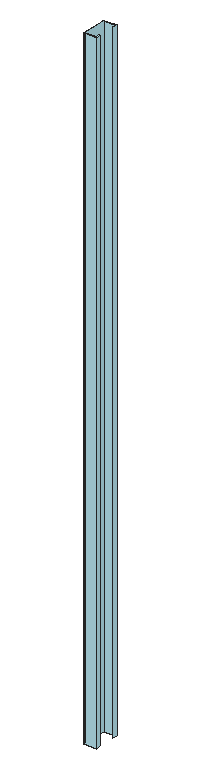
Revit family "hokyozai_40", category 機械設備, Revit 2022
Family settings
  丸型コネクタ寸法 = 直径を使用
  種別 = なし
  パーツ タイプ = 標準
  作業面ベース = いいえ
  常に垂直 = はい
  ロード時にボイドで切り取り = いいえ
  注釈の向きを維持 = いいえ
  共有 = いいえ
  部屋計算ポイント = いいえ
Parameters
  製造元 = "株式会社桐井製作所"
  既定の高さ = 0 mm
  URL = "https://www.kirii.co.jp/"
  K_長さ(mm) [instance] = 1000 mm
  K_材質 = "SGCC一般用・SGC340~570高強度一般用・SGH340~570高強度一般用"
  K_外形寸法(mm) = "40×20×7"
  K_品名 = "40補強材"
  K_名称 = "補強材"
  K_バージョン情報 = "20210524"
  K_めっき付着量 = "Z08"
  K_JIS規格 = "JIS G 3302"
Reference planes
  plane 1 "中心(正面/背面)": y = 0
  plane 2: z = 0
  plane 3 "中心(左/右)": x = 0
  plane 4: z = 1000
  plane 5: y = 40
Forms (mm)
  Extrusion 1, solid
    sketch origin (0, 0, 0) x (1, 0, 0) y (0, 1, 0)
      loop
        line (0, 0) -> (20, 0) -> (20, 7) -> (18.8, 7) -> (18.8, 1.2) -> (1.2, 1.2) -> (1.2, 38.8) -> (18.8, 38.8) -> (18.8, 33) -> (20, 33) -> (20, 40) -> (0, 40) -> (0, 0)
    from 0 to 1000
Dimensions and locks
  "K_長さ(mm)": plane 4 to plane 2
  aligned and locked: level to plane 2
  aligned and locked: plane 4 to Extrusion 1
Automatic sketch dimensions
  Extrusion 1 sketch curve to plane 3 "中心(左/右)" = 0 mm
  plane 1 "中心(正面/背面)" to Extrusion 1 sketch curve = 0 mm
  Extrusion 1 sketch curve to plane 5 = 0 mm
  plane 3 "中心(左/右)" to Extrusion 1 sketch curve = 1.2 mm
  Extrusion 1 sketch curve to plane 1 "中心(正面/背面)" = 7 mm
  Extrusion 1 sketch curve to Extrusion 1 sketch curve = 17.6 mm  (x2)
  Extrusion 1 sketch curve to plane 5 = 1.2 mm
  Extrusion 1 sketch curve to Extrusion 1 sketch curve = 1.2 mm  (x2)
  Extrusion 1 sketch curve to plane 1 "中心(正面/背面)" = 1.2 mm
  Extrusion 1 sketch curve to Extrusion 1 sketch curve = 5.8 mm
